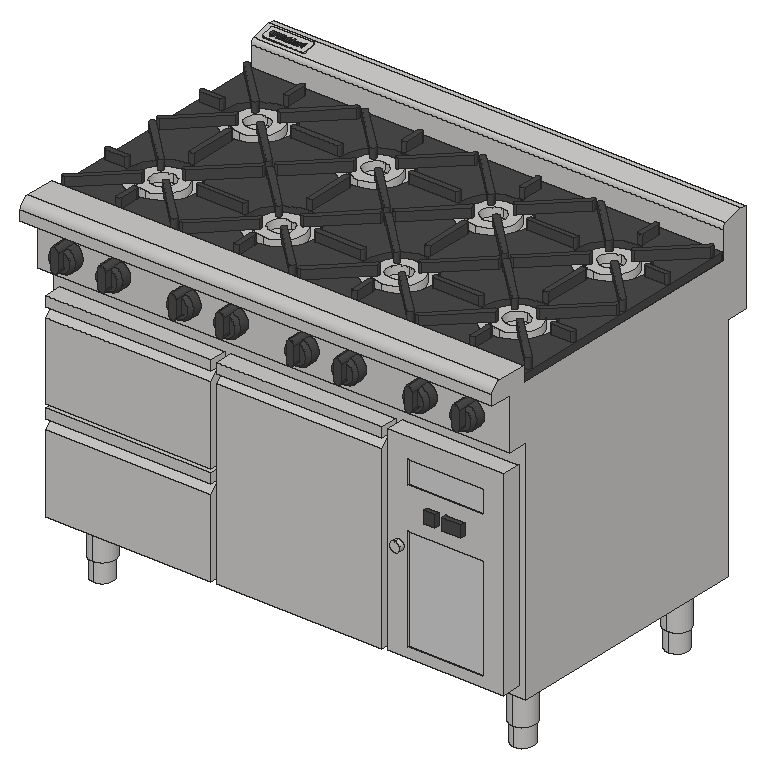
Revit family "QF_MOFFAT WALDORF_RNL8800G-RB", category Specialty Equipment, Revit 2012
Parameters
  Weight in Pounds = 436.5148
  Watts = 250 W
  Volts = 240 V
  URL Cutsheet = "www.moffat.com"
  URL = "www.moffat.com"
  Type Mark [instance] = ""
  Status [instance] = ""
  Specification by User [instance] = ""
  Specification by Manufacturer = ""
  Show Logo [instance] = yes
  Show Clearance [instance] = yes
  Show Casters [instance] = no
  Serial Number = ""
  Seismic Rating = ""
  SMACNA No = ""
  Revision Code [instance] = ""
  Refrigerant Type = "R134a"
  Phase = 1
  Omniclass Number and Title = ""
  Number of Poles = 1
  NAFEM Spec ID Number = ""
  Model = "RNL8800G-RB"
  Min Ckt Ampacity = 0 A
  Mechanical Remarks [instance] = ""
  Mechanical Connection Type [instance] = ""
  Max Overcurrent Protection = 0 A
  Masterspec = ""
  Manufacturer = "MOFFAT WALDORF"
  Legs [instance] = not(Show Casters)  # yes
  Item Number [instance] = ""
  Installed By [instance] = ""
  Identify Quantity as Lot [instance] = yes
  HP = ""
  Gas Size = 3/4"
  Gas RI Height [instance] = 0.0 mm
  Gas KW [instance] = 62.2
  Gas Input [instance] = 212311.0 Btu/h
  Gas Connection Height = 0.0 mm
  Furnished By [instance] = ""
  Foodservice Equipment Identifier [instance] = yes
  FL Amps = 1.8 A
  Elec Conn RI Height = 0.0 mm
  Elec Conn Connection Height = 0.0 mm
  Description = "COOK TOP LOW SPLASHBACK GAS ON REFRIGERATED BASE"
  Cycle = 50 Hz
  Conn Plug = ""
  Conn Conduit = yes
  CSI MasterFormat = ""
  CSI Master Format = ""
  Body Height [instance] = 915.0 mm
  Base Height [instance] = 150.0 mm
  Apparent Power = if(Phase = 3, Volts * FL Amps * 1.73, Volts * FL Amps)  # 432 VA
Reference planes
  plane 1 "BACK": y = 0
  plane 2: z = 0
  plane 3 "LEFT": x = 0
  plane 4 "RIGHT": x = 1200
  plane 5 "FRONT": y = -805
  plane 6 "TOP": z = 970
  plane 7 "Center Y": x = 600
  plane 8 "Center X": y = -402.5
  plane 9 "Base Height": z = 150
  plane 10: x = 1134
  plane 11: x = 65
  plane 12: z = 915
  plane 13: x = 65.8
  plane 14: x = 1181
  plane 15: z = 402
  plane 16: x = 973
  plane 17: y = -625
  plane 18: y = -135
Forms (mm)
  Extrusion 1, solid, material "QF_Finishes_Stainless Steel"
    sketch origin (0, 0, 0) x (0, 1, 0) y (0, 0, 1)
      loop
        line (-805, 891) -> (-805, 866) -> (-749, 866) -> (-749, 735) -> (-697, 735) -> (-697, 150) -> (-57, 150) -> (-57, 735) -> (0, 735) -> (0, 970) -> (-15, 970) -> (-61.106, 957.646)
        arc (-61.106, 957.646) -> (-67.52, 953.36) -> (-70, 946.055) r 12
        line (-70, 946.055) -> (-70, 875) -> (-705, 875) -> (-705, 915) -> (-781, 915)
        arc (-781, 915) -> (-797.971, 907.971) -> (-805, 891) r 24
    from 0 to 1200
  Revolve 2, solid, material "QF_Finishes_Black"
    sketch origin (210, 0, 763.627) x (0, -1, 0) y (0, 0, 1)
      loop
        line (782, 69.605) -> (759, 69.605) -> (759, 42.105) -> (749, 42.105) -> (749, 37.105) -> (793, 37.105) -> (793, 63.757) -> (782, 69.605)
      axis (793, 37.105) -> (749, 37.105)
    angle from 0 to 360
  Extrusion 3, solid, material "QF_Finishes_Black"
    sketch origin (-78.431, 0, 659.63) x (1, 0, 0) y (0, 0, 1)
      loop
        line (298.431, 129) -> (298.431, 167.997)
        arc (298.431, 167.997) -> (288.431, 177.997) -> (278.431, 167.997) r 10
        line (278.431, 167.997) -> (278.431, 129)
        arc (278.431, 129) -> (288.431, 119) -> (298.431, 129) r 10
    from 759 to 808
  Extrusion 4, solid, material "QF_Finishes_Stainless Steel"
    sketch origin (705, 3, 100) x (1, 0, 0) y (0, 1, 0)
      loop
        circle (365, -35) r 13.5
    from 555 to 635
  Revolve 5, solid, material "QF_Finishes_Black"
    sketch origin (89.999, 0, 763.5) x (0, 1, 0) y (0, 0, -1)
      loop
        line (-782, -69.5) -> (-759, -69.5) -> (-759, -42) -> (-749, -42) -> (-749, -37) -> (-793, -37) -> (-793, -63.651) -> (-782, -69.5)
      axis (-793, -37) -> (-749, -37)
    angle from 0 to 360
  Extrusion 6, solid, material "QF_Finishes_Black"
    sketch origin (228.269, 0, 763.658) x (-1, 0, 0) y (0, 0, -1)
      loop
        arc (148.269, -24.969) -> (138.269, -14.969) -> (128.269, -24.969) r 10
        line (128.269, -24.969) -> (128.269, -63.969)
        arc (128.269, -63.969) -> (138.269, -73.969) -> (148.269, -63.969) r 10
        line (148.269, -63.969) -> (148.269, -24.969)
    from 759 to 808
  Extrusion 7, solid, material "QF_Finishes_Black"
    sketch origin (0, -77.318, 875) x (0, -1, 0) y (1, 0, 0)
      loop
        arc (-6.318, 4) -> (-5.439, 1.879) -> (-3.318, 1) r 3
        line (-3.318, 1) -> (623.682, 1)
        arc (623.682, 1) -> (625.804, 1.879) -> (626.682, 4) r 3
        line (626.682, 4) -> (626.682, 1196)
        arc (626.682, 1196) -> (625.804, 1198.121) -> (623.682, 1199) r 3
        line (623.682, 1199) -> (-3.318, 1199)
        arc (-3.318, 1199) -> (-5.439, 1198.121) -> (-6.318, 1196) r 3
        line (-6.318, 1196) -> (-6.318, 4)
      loop
        circle (160.182, 150) r 84.082
      loop
        circle (460.182, 150) r 84.082
      loop
        circle (460.182, 1050) r 84.082
      loop
        circle (160.182, 1050) r 84.082
      loop
        circle (160.182, 450) r 84.082
      loop
        circle (460.182, 450) r 84.082
      loop
        circle (160.182, 750) r 84.082
      loop
        circle (460.182, 750) r 84.082
    from 0 to 19.5
  Extrusion 8, solid, material "QF_Finishes_Black"
    sketch origin (0, -77.318, 894.5) x (0, -1, 0) y (1, 0, 0)
      loop
        spline (316.285, 15.153) -> (315.364, 13.924) -> (314.814, 12.47) -> (314.672, 10.89) -> (314.949, 9.292) -> (315.626, 7.786) -> (316.655, 6.473) -> (317.968, 5.443) -> (319.475, 4.767) -> (321.072, 4.49) -> (322.652, 4.631) -> (324.106, 5.181) -> (325.336, 6.102)
        line (325.336, 6.102) -> (433.259, 114.025)
        spline (433.259, 114.025) -> (434.019, 115.095) -> (434.42, 116.399) -> (434.433, 117.851) -> (434.058, 119.35) -> (433.319, 120.795) -> (432.269, 122.086) -> (430.977, 123.137) -> (429.532, 123.875) -> (428.033, 124.251) -> (426.582, 124.238) -> (425.277, 123.837) -> (424.208, 123.076)
        line (424.208, 123.076) -> (316.285, 15.153)
      loop
        spline (252.08, 156.4) -> (250.786, 156.182) -> (249.58, 155.543) -> (248.545, 154.525) -> (247.75, 153.2) -> (247.251, 151.656) -> (247.08, 150) -> (247.251, 148.344) -> (247.75, 146.8) -> (248.545, 145.475) -> (249.58, 144.457) -> (250.786, 143.818) -> (252.08, 143.6)
        line (252.08, 143.6) -> (368.284, 143.6)
        spline (368.284, 143.6) -> (369.579, 143.818) -> (370.784, 144.457) -> (371.82, 145.475) -> (372.615, 146.8) -> (373.114, 148.344) -> (373.284, 150) -> (373.114, 151.656) -> (372.615, 153.2) -> (371.82, 154.525) -> (370.784, 155.543) -> (369.579, 156.182) -> (368.284, 156.4)
        line (368.284, 156.4) -> (252.08, 156.4)
      loop
        spline (601.284, 143.6) -> (602.579, 143.818) -> (603.784, 144.457) -> (604.82, 145.475) -> (605.615, 146.8) -> (606.114, 148.344) -> (606.284, 150) -> (606.114, 151.656) -> (605.615, 153.2) -> (604.82, 154.525) -> (603.784, 155.543) -> (602.579, 156.182) -> (601.284, 156.4)
        line (601.284, 156.4) -> (552.08, 156.4)
        spline (552.08, 156.4) -> (550.786, 156.182) -> (549.58, 155.543) -> (548.545, 154.525) -> (547.75, 153.2) -> (547.251, 151.656) -> (547.08, 150) -> (547.251, 148.344) -> (547.75, 146.8) -> (548.545, 145.475) -> (549.58, 144.457) -> (550.786, 143.818) -> (552.08, 143.6)
        line (552.08, 143.6) -> (601.284, 143.6)
      loop
        line (604.08, 15.153) -> (496.157, 123.076)
        spline (496.157, 123.076) -> (495.088, 123.837) -> (493.783, 124.238) -> (492.332, 124.251) -> (490.832, 123.875) -> (489.388, 123.137) -> (488.096, 122.086) -> (487.045, 120.795) -> (486.307, 119.35) -> (485.932, 117.851) -> (485.945, 116.399) -> (486.345, 115.095) -> (487.106, 114.025)
        line (487.106, 114.025) -> (595.029, 6.102)
        spline (595.029, 6.102) -> (596.098, 5.341) -> (597.403, 4.941) -> (598.855, 4.928) -> (600.354, 5.303) -> (601.798, 6.041) -> (603.09, 7.092) -> (604.141, 8.384) -> (604.879, 9.829) -> (605.255, 11.328) -> (605.242, 12.779) -> (604.841, 14.084) -> (604.08, 15.153)
      loop
        line (466.582, 8.898) -> (466.582, 58.102)
        spline (466.582, 58.102) -> (466.364, 59.396) -> (465.725, 60.602) -> (464.708, 61.638) -> (463.382, 62.432) -> (461.839, 62.932) -> (460.182, 63.102) -> (458.526, 62.932) -> (456.982, 62.432) -> (455.657, 61.638) -> (454.64, 60.602) -> (454, 59.396) -> (453.782, 58.102)
        line (453.782, 58.102) -> (453.782, 8.898)
        spline (453.782, 8.898) -> (454, 7.604) -> (454.64, 6.398) -> (455.657, 5.362) -> (456.982, 4.568) -> (458.526, 4.068) -> (460.182, 3.898) -> (461.839, 4.068) -> (463.382, 4.568) -> (464.708, 5.362) -> (465.725, 6.398) -> (466.364, 7.604) -> (466.582, 8.898)
      loop
        spline (16.285, 15.153) -> (15.364, 13.924) -> (14.814, 12.47) -> (14.672, 10.89) -> (14.949, 9.292) -> (15.626, 7.786) -> (16.655, 6.473) -> (17.968, 5.443) -> (19.475, 4.767) -> (21.072, 4.49) -> (22.652, 4.631) -> (24.106, 5.181) -> (25.336, 6.102)
        line (25.336, 6.102) -> (133.259, 114.025)
        spline (133.259, 114.025) -> (134.019, 115.095) -> (134.42, 116.399) -> (134.433, 117.851) -> (134.058, 119.35) -> (133.319, 120.795) -> (132.269, 122.086) -> (130.977, 123.137) -> (129.532, 123.875) -> (128.033, 124.251) -> (126.582, 124.238) -> (125.277, 123.837) -> (124.208, 123.076)
        line (124.208, 123.076) -> (16.285, 15.153)
      loop
        spline (19.08, 156.4) -> (17.786, 156.182) -> (16.58, 155.543) -> (15.545, 154.525) -> (14.75, 153.2) -> (14.251, 151.656) -> (14.08, 150) -> (14.251, 148.344) -> (14.75, 146.8) -> (15.545, 145.475) -> (16.58, 144.457) -> (17.786, 143.818) -> (19.08, 143.6)
        line (19.08, 143.6) -> (68.284, 143.6)
        spline (68.284, 143.6) -> (69.579, 143.818) -> (70.784, 144.457) -> (71.82, 145.475) -> (72.615, 146.8) -> (73.114, 148.344) -> (73.284, 150) -> (73.114, 151.656) -> (72.615, 153.2) -> (71.82, 154.525) -> (70.784, 155.543) -> (69.579, 156.182) -> (68.284, 156.4)
        line (68.284, 156.4) -> (19.08, 156.4)
      loop
        line (304.08, 15.153) -> (196.157, 123.076)
        spline (196.157, 123.076) -> (195.088, 123.837) -> (193.783, 124.238) -> (192.332, 124.251) -> (190.832, 123.875) -> (189.388, 123.137) -> (188.096, 122.086) -> (187.045, 120.795) -> (186.307, 119.35) -> (185.932, 117.851) -> (185.945, 116.399) -> (186.345, 115.095) -> (187.106, 114.025)
        line (187.106, 114.025) -> (295.029, 6.102)
        spline (295.029, 6.102) -> (296.098, 5.341) -> (297.403, 4.941) -> (298.855, 4.928) -> (300.354, 5.303) -> (301.798, 6.041) -> (303.09, 7.092) -> (304.141, 8.384) -> (304.879, 9.829) -> (305.255, 11.328) -> (305.242, 12.779) -> (304.841, 14.084) -> (304.08, 15.153)
      loop
        line (166.582, 8.898) -> (166.582, 58.102)
        spline (166.582, 58.102) -> (166.364, 59.396) -> (165.725, 60.602) -> (164.708, 61.638) -> (163.382, 62.432) -> (161.839, 62.932) -> (160.182, 63.102) -> (158.526, 62.932) -> (156.982, 62.432) -> (155.657, 61.638) -> (154.64, 60.602) -> (154, 59.396) -> (153.782, 58.102)
        line (153.782, 58.102) -> (153.782, 8.898)
        spline (153.782, 8.898) -> (154, 7.604) -> (154.64, 6.398) -> (155.657, 5.362) -> (156.982, 4.568) -> (158.526, 4.068) -> (160.182, 3.898) -> (161.839, 4.068) -> (163.382, 4.568) -> (164.708, 5.362) -> (165.725, 6.398) -> (166.364, 7.604) -> (166.582, 8.898)
      loop
        line (316.285, 284.847) -> (424.208, 176.924)
        spline (424.208, 176.924) -> (425.277, 176.163) -> (426.582, 175.762) -> (428.033, 175.749) -> (429.532, 176.125) -> (430.977, 176.863) -> (432.269, 177.914) -> (433.319, 179.205) -> (434.058, 180.65) -> (434.433, 182.149) -> (434.42, 183.601) -> (434.019, 184.905) -> (433.259, 185.975)
        line (433.259, 185.975) -> (325.336, 293.898)
        spline (325.336, 293.898) -> (324.106, 294.819) -> (322.652, 295.369) -> (321.072, 295.51) -> (319.475, 295.233) -> (317.968, 294.557) -> (316.655, 293.527) -> (315.626, 292.214) -> (314.949, 290.708) -> (314.672, 289.11) -> (314.814, 287.53) -> (315.364, 286.076) -> (316.285, 284.847)
      loop
        spline (604.08, 284.847) -> (604.841, 285.916) -> (605.242, 287.221) -> (605.255, 288.672) -> (604.879, 290.171) -> (604.141, 291.616) -> (603.09, 292.908) -> (601.798, 293.959) -> (600.354, 294.697) -> (598.855, 295.072) -> (597.403, 295.059) -> (596.098, 294.659) -> (595.029, 293.898)
        line (595.029, 293.898) -> (487.106, 185.975)
        spline (487.106, 185.975) -> (486.345, 184.905) -> (485.945, 183.601) -> (485.932, 182.149) -> (486.307, 180.65) -> (487.045, 179.205) -> (488.096, 177.914) -> (489.388, 176.863) -> (490.832, 176.125) -> (492.332, 175.749) -> (493.783, 175.762) -> (495.088, 176.163) -> (496.157, 176.924)
        line (496.157, 176.924) -> (604.08, 284.847)
      loop
        spline (453.782, 241.898) -> (454, 240.604) -> (454.64, 239.398) -> (455.657, 238.362) -> (456.982, 237.568) -> (458.526, 237.068) -> (460.182, 236.898) -> (461.839, 237.068) -> (463.382, 237.568) -> (464.708, 238.362) -> (465.725, 239.398) -> (466.364, 240.604) -> (466.582, 241.898)
        line (466.582, 241.898) -> (466.582, 358.102)
        spline (466.582, 358.102) -> (466.364, 359.396) -> (465.725, 360.602) -> (464.708, 361.638) -> (463.382, 362.432) -> (461.839, 362.932) -> (460.182, 363.102) -> (458.526, 362.932) -> (456.982, 362.432) -> (455.657, 361.638) -> (454.64, 360.602) -> (454, 359.396) -> (453.782, 358.102)
        line (453.782, 358.102) -> (453.782, 241.898)
      loop
        line (16.285, 284.847) -> (124.208, 176.924)
        spline (124.208, 176.924) -> (125.277, 176.163) -> (126.582, 175.762) -> (128.033, 175.749) -> (129.532, 176.125) -> (130.977, 176.863) -> (132.269, 177.914) -> (133.319, 179.205) -> (134.058, 180.65) -> (134.433, 182.149) -> (134.42, 183.601) -> (134.019, 184.905) -> (133.259, 185.975)
        line (133.259, 185.975) -> (25.336, 293.898)
        spline (25.336, 293.898) -> (24.106, 294.819) -> (22.652, 295.369) -> (21.072, 295.51) -> (19.475, 295.233) -> (17.968, 294.557) -> (16.655, 293.527) -> (15.626, 292.214) -> (14.949, 290.708) -> (14.672, 289.11) -> (14.814, 287.53) -> (15.364, 286.076) -> (16.285, 284.847)
      loop
        spline (304.08, 284.847) -> (304.841, 285.916) -> (305.242, 287.221) -> (305.255, 288.672) -> (304.879, 290.171) -> (304.141, 291.616) -> (303.09, 292.908) -> (301.798, 293.959) -> (300.354, 294.697) -> (298.855, 295.072) -> (297.403, 295.059) -> (296.098, 294.659) -> (295.029, 293.898)
        line (295.029, 293.898) -> (187.106, 185.975)
        spline (187.106, 185.975) -> (186.345, 184.905) -> (185.945, 183.601) -> (185.932, 182.149) -> (186.307, 180.65) -> (187.045, 179.205) -> (188.096, 177.914) -> (189.388, 176.863) -> (190.832, 176.125) -> (192.332, 175.749) -> (193.783, 175.762) -> (195.088, 176.163) -> (196.157, 176.924)
        line (196.157, 176.924) -> (304.08, 284.847)
      loop
        spline (166.582, 358.102) -> (166.364, 359.396) -> (165.725, 360.602) -> (164.708, 361.638) -> (163.382, 362.432) -> (161.839, 362.932) -> (160.182, 363.102) -> (158.526, 362.932) -> (156.982, 362.432) -> (155.657, 361.638) -> (154.64, 360.602) -> (154, 359.396) -> (153.782, 358.102)
        line (153.782, 358.102) -> (153.782, 241.898)
        spline (153.782, 241.898) -> (154, 240.604) -> (154.64, 239.398) -> (155.657, 238.362) -> (156.982, 237.568) -> (158.526, 237.068) -> (160.182, 236.898) -> (161.839, 237.068) -> (163.382, 237.568) -> (164.708, 238.362) -> (165.725, 239.398) -> (166.364, 240.604) -> (166.582, 241.898)
        line (166.582, 241.898) -> (166.582, 358.102)
      loop
        spline (316.285, 315.153) -> (315.364, 313.924) -> (314.814, 312.47) -> (314.672, 310.89) -> (314.949, 309.292) -> (315.626, 307.786) -> (316.655, 306.473) -> (317.968, 305.443) -> (319.475, 304.767) -> (321.072, 304.49) -> (322.652, 304.631) -> (324.106, 305.181) -> (325.336, 306.102)
        line (325.336, 306.102) -> (433.259, 414.025)
        spline (433.259, 414.025) -> (434.019, 415.095) -> (434.42, 416.399) -> (434.433, 417.851) -> (434.058, 419.35) -> (433.319, 420.795) -> (432.269, 422.086) -> (430.977, 423.137) -> (429.532, 423.875) -> (428.033, 424.251) -> (426.582, 424.238) -> (425.277, 423.837) -> (424.208, 423.076)
        line (424.208, 423.076) -> (316.285, 315.153)
      loop
        spline (252.08, 456.4) -> (250.786, 456.182) -> (249.58, 455.543) -> (248.545, 454.525) -> (247.75, 453.2) -> (247.251, 451.656) -> (247.08, 450) -> (247.251, 448.344) -> (247.75, 446.8) -> (248.545, 445.475) -> (249.58, 444.457) -> (250.786, 443.818) -> (252.08, 443.6)
        line (252.08, 443.6) -> (368.284, 443.6)
        spline (368.284, 443.6) -> (369.579, 443.818) -> (370.784, 444.457) -> (371.82, 445.475) -> (372.615, 446.8) -> (373.114, 448.344) -> (373.284, 450) -> (373.114, 451.656) -> (372.615, 453.2) -> (371.82, 454.525) -> (370.784, 455.543) -> (369.579, 456.182) -> (368.284, 456.4)
        line (368.284, 456.4) -> (252.08, 456.4)
      loop
        spline (601.284, 443.6) -> (602.579, 443.818) -> (603.784, 444.457) -> (604.82, 445.475) -> (605.615, 446.8) -> (606.114, 448.344) -> (606.284, 450) -> (606.114, 451.656) -> (605.615, 453.2) -> (604.82, 454.525) -> (603.784, 455.543) -> (602.579, 456.182) -> (601.284, 456.4)
        line (601.284, 456.4) -> (552.08, 456.4)
        spline (552.08, 456.4) -> (550.786, 456.182) -> (549.58, 455.543) -> (548.545, 454.525) -> (547.75, 453.2) -> (547.251, 451.656) -> (547.08, 450) -> (547.251, 448.344) -> (547.75, 446.8) -> (548.545, 445.475) -> (549.58, 444.457) -> (550.786, 443.818) -> (552.08, 443.6)
        line (552.08, 443.6) -> (601.284, 443.6)
      loop
        line (604.08, 315.153) -> (496.157, 423.076)
        spline (496.157, 423.076) -> (495.088, 423.837) -> (493.783, 424.238) -> (492.332, 424.251) -> (490.832, 423.875) -> (489.388, 423.137) -> (488.096, 422.086) -> (487.045, 420.795) -> (486.307, 419.35) -> (485.932, 417.851) -> (485.945, 416.399) -> (486.345, 415.095) -> (487.106, 414.025)
        line (487.106, 414.025) -> (595.029, 306.102)
        spline (595.029, 306.102) -> (596.098, 305.341) -> (597.403, 304.941) -> (598.855, 304.928) -> (600.354, 305.303) -> (601.798, 306.041) -> (603.09, 307.092) -> (604.141, 308.384) -> (604.879, 309.829) -> (605.255, 311.328) -> (605.242, 312.779) -> (604.841, 314.084) -> (604.08, 315.153)
      loop
        spline (16.285, 315.153) -> (15.364, 313.924) -> (14.814, 312.47) -> (14.672, 310.89) -> (14.949, 309.292) -> (15.626, 307.786) -> (16.655, 306.473) -> (17.968, 305.443) -> (19.475, 304.767) -> (21.072, 304.49) -> (22.652, 304.631) -> (24.106, 305.181) -> (25.336, 306.102)
        line (25.336, 306.102) -> (133.259, 414.025)
        spline (133.259, 414.025) -> (134.019, 415.095) -> (134.42, 416.399) -> (134.433, 417.851) -> (134.058, 419.35) -> (133.319, 420.795) -> (132.269, 422.086) -> (130.977, 423.137) -> (129.532, 423.875) -> (128.033, 424.251) -> (126.582, 424.238) -> (125.277, 423.837) -> (124.208, 423.076)
        line (124.208, 423.076) -> (16.285, 315.153)
      loop
        spline (19.08, 456.4) -> (17.786, 456.182) -> (16.58, 455.543) -> (15.545, 454.525) -> (14.75, 453.2) -> (14.251, 451.656) -> (14.08, 450) -> (14.251, 448.344) -> (14.75, 446.8) -> (15.545, 445.475) -> (16.58, 444.457) -> (17.786, 443.818) -> (19.08, 443.6)
        line (19.08, 443.6) -> (68.284, 443.6)
        spline (68.284, 443.6) -> (69.579, 443.818) -> (70.784, 444.457) -> (71.82, 445.475) -> (72.615, 446.8) -> (73.114, 448.344) -> (73.284, 450) -> (73.114, 451.656) -> (72.615, 453.2) -> (71.82, 454.525) -> (70.784, 455.543) -> (69.579, 456.182) -> (68.284, 456.4)
        line (68.284, 456.4) -> (19.08, 456.4)
      loop
        line (304.08, 315.153) -> (196.157, 423.076)
        spline (196.157, 423.076) -> (195.088, 423.837) -> (193.783, 424.238) -> (192.332, 424.251) -> (190.832, 423.875) -> (189.388, 423.137) -> (188.096, 422.086) -> (187.045, 420.795) -> (186.307, 419.35) -> (185.932, 417.851) -> (185.945, 416.399) -> (186.345, 415.095) -> (187.106, 414.025)
        line (187.106, 414.025) -> (295.029, 306.102)
        spline (295.029, 306.102) -> (296.098, 305.341) -> (297.403, 304.941) -> (298.855, 304.928) -> (300.354, 305.303) -> (301.798, 306.041) -> (303.09, 307.092) -> (304.141, 308.384) -> (304.879, 309.829) -> (305.255, 311.328) -> (305.242, 312.779) -> (304.841, 314.084) -> (304.08, 315.153)
      loop
        line (316.285, 584.847) -> (424.208, 476.924)
        spline (424.208, 476.924) -> (425.277, 476.163) -> (426.582, 475.762) -> (428.033, 475.749) -> (429.532, 476.125) -> (430.977, 476.863) -> (432.269, 477.914) -> (433.319, 479.205) -> (434.058, 480.65) -> (434.433, 482.149) -> (434.42, 483.601) -> (434.019, 484.905) -> (433.259, 485.975)
        line (433.259, 485.975) -> (325.336, 593.898)
        spline (325.336, 593.898) -> (324.106, 594.819) -> (322.652, 595.369) -> (321.072, 595.51) -> (319.475, 595.233) -> (317.968, 594.557) -> (316.655, 593.527) -> (315.626, 592.214) -> (314.949, 590.708) -> (314.672, 589.11) -> (314.814, 587.53) -> (315.364, 586.076) -> (316.285, 584.847)
      loop
        spline (604.08, 584.847) -> (604.841, 585.916) -> (605.242, 587.221) -> (605.255, 588.672) -> (604.879, 590.171) -> (604.141, 591.616) -> (603.09, 592.908) -> (601.798, 593.959) -> (600.354, 594.697) -> (598.855, 595.072) -> (597.403, 595.059) -> (596.098, 594.659) -> (595.029, 593.898)
        line (595.029, 593.898) -> (487.106, 485.975)
        spline (487.106, 485.975) -> (486.345, 484.905) -> (485.945, 483.601) -> (485.932, 482.149) -> (486.307, 480.65) -> (487.045, 479.205) -> (488.096, 477.914) -> (489.388, 476.863) -> (490.832, 476.125) -> (492.332, 475.749) -> (493.783, 475.762) -> (495.088, 476.163) -> (496.157, 476.924)
        line (496.157, 476.924) -> (604.08, 584.847)
      loop
        spline (466.582, 658.102) -> (466.364, 659.396) -> (465.725, 660.602) -> (464.708, 661.638) -> (463.382, 662.432) -> (461.839, 662.932) -> (460.182, 663.102) -> (458.526, 662.932) -> (456.982, 662.432) -> (455.657, 661.638) -> (454.64, 660.602) -> (454, 659.396) -> (453.782, 658.102)
        line (453.782, 658.102) -> (453.782, 541.898)
        spline (453.782, 541.898) -> (454, 540.604) -> (454.64, 539.398) -> (455.657, 538.362) -> (456.982, 537.568) -> (458.526, 537.068) -> (460.182, 536.898) -> (461.839, 537.068) -> (463.382, 537.568) -> (464.708, 538.362) -> (465.725, 539.398) -> (466.364, 540.604) -> (466.582, 541.898)
        line (466.582, 541.898) -> (466.582, 658.102)
      loop
        line (16.285, 584.847) -> (124.208, 476.924)
        spline (124.208, 476.924) -> (125.277, 476.163) -> (126.582, 475.762) -> (128.033, 475.749) -> (129.532, 476.125) -> (130.977, 476.863) -> (132.269, 477.914) -> (133.319, 479.205) -> (134.058, 480.65) -> (134.433, 482.149) -> (134.42, 483.601) -> (134.019, 484.905) -> (133.259, 485.975)
        line (133.259, 485.975) -> (25.336, 593.898)
        spline (25.336, 593.898) -> (24.106, 594.819) -> (22.652, 595.369) -> (21.072, 595.51) -> (19.475, 595.233) -> (17.968, 594.557) -> (16.655, 593.527) -> (15.626, 592.214) -> (14.949, 590.708) -> (14.672, 589.11) -> (14.814, 587.53) -> (15.364, 586.076) -> (16.285, 584.847)
      loop
        spline (304.08, 584.847) -> (304.841, 585.916) -> (305.242, 587.221) -> (305.255, 588.672) -> (304.879, 590.171) -> (304.141, 591.616) -> (303.09, 592.908) -> (301.798, 593.959) -> (300.354, 594.697) -> (298.855, 595.072) -> (297.403, 595.059) -> (296.098, 594.659) -> (295.029, 593.898)
        line (295.029, 593.898) -> (187.106, 485.975)
        spline (187.106, 485.975) -> (186.345, 484.905) -> (185.945, 483.601) -> (185.932, 482.149) -> (186.307, 480.65) -> (187.045, 479.205) -> (188.096, 477.914) -> (189.388, 476.863) -> (190.832, 476.125) -> (192.332, 475.749) -> (193.783, 475.762) -> (195.088, 476.163) -> (196.157, 476.924)
        line (196.157, 476.924) -> (304.08, 584.847)
      loop
        spline (166.582, 658.102) -> (166.364, 659.396) -> (165.725, 660.602) -> (164.708, 661.638) -> (163.382, 662.432) -> (161.839, 662.932) -> (160.182, 663.102) -> (158.526, 662.932) -> (156.982, 662.432) -> (155.657, 661.638) -> (154.64, 660.602) -> (154, 659.396) -> (153.782, 658.102)
        line (153.782, 658.102) -> (153.782, 541.898)
        spline (153.782, 541.898) -> (154, 540.604) -> (154.64, 539.398) -> (155.657, 538.362) -> (156.982, 537.568) -> (158.526, 537.068) -> (160.182, 536.898) -> (161.839, 537.068) -> (163.382, 537.568) -> (164.708, 538.362) -> (165.725, 539.398) -> (166.364, 540.604) -> (166.582, 541.898)
        line (166.582, 541.898) -> (166.582, 658.102)
      loop
        line (316.285, 1184.847) -> (424.208, 1076.924)
        spline (424.208, 1076.924) -> (425.277, 1076.163) -> (426.582, 1075.762) -> (428.033, 1075.749) -> (429.532, 1076.125) -> (430.977, 1076.863) -> (432.269, 1077.914) -> (433.319, 1079.205) -> (434.058, 1080.65) -> (434.433, 1082.149) -> (434.42, 1083.601) -> (434.019, 1084.905) -> (433.259, 1085.975)
        line (433.259, 1085.975) -> (325.336, 1193.898)
        spline (325.336, 1193.898) -> (324.106, 1194.819) -> (322.652, 1195.369) -> (321.072, 1195.51) -> (319.475, 1195.233) -> (317.968, 1194.557) -> (316.655, 1193.527) -> (315.626, 1192.214) -> (314.949, 1190.708) -> (314.672, 1189.11) -> (314.814, 1187.53) -> (315.364, 1186.076) -> (316.285, 1184.847)
      loop
        line (252.08, 1043.6) -> (368.284, 1043.6)
        spline (368.284, 1043.6) -> (369.579, 1043.818) -> (370.784, 1044.457) -> (371.82, 1045.475) -> (372.615, 1046.8) -> (373.114, 1048.344) -> (373.284, 1050) -> (373.114, 1051.656) -> (372.615, 1053.2) -> (371.82, 1054.525) -> (370.784, 1055.543) -> (369.579, 1056.182) -> (368.284, 1056.4)
        line (368.284, 1056.4) -> (252.08, 1056.4)
        spline (252.08, 1056.4) -> (250.786, 1056.182) -> (249.58, 1055.543) -> (248.545, 1054.525) -> (247.75, 1053.2) -> (247.251, 1051.656) -> (247.08, 1050) -> (247.251, 1048.344) -> (247.75, 1046.8) -> (248.545, 1045.475) -> (249.58, 1044.457) -> (250.786, 1043.818) -> (252.08, 1043.6)
      loop
        line (601.284, 1056.4) -> (552.08, 1056.4)
        spline (552.08, 1056.4) -> (550.786, 1056.182) -> (549.58, 1055.543) -> (548.545, 1054.525) -> (547.75, 1053.2) -> (547.251, 1051.656) -> (547.08, 1050) -> (547.251, 1048.344) -> (547.75, 1046.8) -> (548.545, 1045.475) -> (549.58, 1044.457) -> (550.786, 1043.818) -> (552.08, 1043.6)
        line (552.08, 1043.6) -> (601.284, 1043.6)
        spline (601.284, 1043.6) -> (602.579, 1043.818) -> (603.784, 1044.457) -> (604.82, 1045.475) -> (605.615, 1046.8) -> (606.114, 1048.344) -> (606.284, 1050) -> (606.114, 1051.656) -> (605.615, 1053.2) -> (604.82, 1054.525) -> (603.784, 1055.543) -> (602.579, 1056.182) -> (601.284, 1056.4)
      loop
        spline (604.08, 1184.847) -> (604.841, 1185.916) -> (605.242, 1187.221) -> (605.255, 1188.672) -> (604.879, 1190.171) -> (604.141, 1191.616) -> (603.09, 1192.908) -> (601.798, 1193.959) -> (600.354, 1194.697) -> (598.855, 1195.072) -> (597.403, 1195.059) -> (596.098, 1194.659) -> (595.029, 1193.898)
        line (595.029, 1193.898) -> (487.106, 1085.975)
        spline (487.106, 1085.975) -> (486.345, 1084.905) -> (485.945, 1083.601) -> (485.932, 1082.149) -> (486.307, 1080.65) -> (487.045, 1079.205) -> (488.096, 1077.914) -> (489.388, 1076.863) -> (490.832, 1076.125) -> (492.332, 1075.749) -> (493.783, 1075.762) -> (495.088, 1076.163) -> (496.157, 1076.924)
        line (496.157, 1076.924) -> (604.08, 1184.847)
      loop
        spline (466.582, 1191.102) -> (466.364, 1192.396) -> (465.725, 1193.602) -> (464.708, 1194.638) -> (463.382, 1195.432) -> (461.839, 1195.932) -> (460.182, 1196.102) -> (458.526, 1195.932) -> (456.982, 1195.432) -> (455.657, 1194.638) -> (454.64, 1193.602) -> (454, 1192.396) -> (453.782, 1191.102)
        line (453.782, 1191.102) -> (453.782, 1141.898)
        spline (453.782, 1141.898) -> (454, 1140.604) -> (454.64, 1139.398) -> (455.657, 1138.362) -> (456.982, 1137.568) -> (458.526, 1137.068) -> (460.182, 1136.898) -> (461.839, 1137.068) -> (463.382, 1137.568) -> (464.708, 1138.362) -> (465.725, 1139.398) -> (466.364, 1140.604) -> (466.582, 1141.898)
        line (466.582, 1141.898) -> (466.582, 1191.102)
      loop
        line (16.285, 1184.847) -> (124.208, 1076.924)
        spline (124.208, 1076.924) -> (125.277, 1076.163) -> (126.582, 1075.762) -> (128.033, 1075.749) -> (129.532, 1076.125) -> (130.977, 1076.863) -> (132.269, 1077.914) -> (133.319, 1079.205) -> (134.058, 1080.65) -> (134.433, 1082.149) -> (134.42, 1083.601) -> (134.019, 1084.905) -> (133.259, 1085.975)
        line (133.259, 1085.975) -> (25.336, 1193.898)
        spline (25.336, 1193.898) -> (24.106, 1194.819) -> (22.652, 1195.369) -> (21.072, 1195.51) -> (19.475, 1195.233) -> (17.968, 1194.557) -> (16.655, 1193.527) -> (15.626, 1192.214) -> (14.949, 1190.708) -> (14.672, 1189.11) -> (14.814, 1187.53) -> (15.364, 1186.076) -> (16.285, 1184.847)
      loop
        line (19.08, 1043.6) -> (68.284, 1043.6)
        spline (68.284, 1043.6) -> (69.579, 1043.818) -> (70.784, 1044.457) -> (71.82, 1045.475) -> (72.615, 1046.8) -> (73.114, 1048.344) -> (73.284, 1050) -> (73.114, 1051.656) -> (72.615, 1053.2) -> (71.82, 1054.525) -> (70.784, 1055.543) -> (69.579, 1056.182) -> (68.284, 1056.4)
        line (68.284, 1056.4) -> (19.08, 1056.4)
        spline (19.08, 1056.4) -> (17.786, 1056.182) -> (16.58, 1055.543) -> (15.545, 1054.525) -> (14.75, 1053.2) -> (14.251, 1051.656) -> (14.08, 1050) -> (14.251, 1048.344) -> (14.75, 1046.8) -> (15.545, 1045.475) -> (16.58, 1044.457) -> (17.786, 1043.818) -> (19.08, 1043.6)
      loop
        spline (304.08, 1184.847) -> (304.841, 1185.916) -> (305.242, 1187.221) -> (305.255, 1188.672) -> (304.879, 1190.171) -> (304.141, 1191.616) -> (303.09, 1192.908) -> (301.798, 1193.959) -> (300.354, 1194.697) -> (298.855, 1195.072) -> (297.403, 1195.059) -> (296.098, 1194.659) -> (295.029, 1193.898)
        line (295.029, 1193.898) -> (187.106, 1085.975)
        spline (187.106, 1085.975) -> (186.345, 1084.905) -> (185.945, 1083.601) -> (185.932, 1082.149) -> (186.307, 1080.65) -> (187.045, 1079.205) -> (188.096, 1077.914) -> (189.388, 1076.863) -> (190.832, 1076.125) -> (192.332, 1075.749) -> (193.783, 1075.762) -> (195.088, 1076.163) -> (196.157, 1076.924)
        line (196.157, 1076.924) -> (304.08, 1184.847)
      loop
        spline (166.582, 1191.102) -> (166.364, 1192.396) -> (165.725, 1193.602) -> (164.708, 1194.638) -> (163.382, 1195.432) -> (161.839, 1195.932) -> (160.182, 1196.102) -> (158.526, 1195.932) -> (156.982, 1195.432) -> (155.657, 1194.638) -> (154.64, 1193.602) -> (154, 1192.396) -> (153.782, 1191.102)
        line (153.782, 1191.102) -> (153.782, 1141.898)
        spline (153.782, 1141.898) -> (154, 1140.604) -> (154.64, 1139.398) -> (155.657, 1138.362) -> (156.982, 1137.568) -> (158.526, 1137.068) -> (160.182, 1136.898) -> (161.839, 1137.068) -> (163.382, 1137.568) -> (164.708, 1138.362) -> (165.725, 1139.398) -> (166.364, 1140.604) -> (166.582, 1141.898)
        line (166.582, 1141.898) -> (166.582, 1191.102)
      loop
        spline (316.285, 915.153) -> (315.364, 913.924) -> (314.814, 912.47) -> (314.672, 910.89) -> (314.949, 909.292) -> (315.626, 907.786) -> (316.655, 906.473) -> (317.968, 905.443) -> (319.475, 904.767) -> (321.072, 904.49) -> (322.652, 904.631) -> (324.106, 905.181) -> (325.336, 906.102)
        line (325.336, 906.102) -> (433.259, 1014.025)
        spline (433.259, 1014.025) -> (434.019, 1015.095) -> (434.42, 1016.399) -> (434.433, 1017.851) -> (434.058, 1019.35) -> (433.319, 1020.795) -> (432.269, 1022.086) -> (430.977, 1023.137) -> (429.532, 1023.875) -> (428.033, 1024.251) -> (426.582, 1024.238) -> (425.277, 1023.837) -> (424.208, 1023.076)
        line (424.208, 1023.076) -> (316.285, 915.153)
      loop
        line (604.08, 915.153) -> (496.157, 1023.076)
        spline (496.157, 1023.076) -> (495.088, 1023.837) -> (493.783, 1024.238) -> (492.332, 1024.251) -> (490.832, 1023.875) -> (489.388, 1023.137) -> (488.096, 1022.086) -> (487.045, 1020.795) -> (486.307, 1019.35) -> (485.932, 1017.851) -> (485.945, 1016.399) -> (486.345, 1015.095) -> (487.106, 1014.025)
        line (487.106, 1014.025) -> (595.029, 906.102)
        spline (595.029, 906.102) -> (596.098, 905.341) -> (597.403, 904.941) -> (598.855, 904.928) -> (600.354, 905.303) -> (601.798, 906.041) -> (603.09, 907.092) -> (604.141, 908.384) -> (604.879, 909.829) -> (605.255, 911.328) -> (605.242, 912.779) -> (604.841, 914.084) -> (604.08, 915.153)
      loop
        line (453.782, 958.102) -> (453.782, 841.898)
        spline (453.782, 841.898) -> (454, 840.604) -> (454.64, 839.398) -> (455.657, 838.362) -> (456.982, 837.568) -> (458.526, 837.068) -> (460.182, 836.898) -> (461.839, 837.068) -> (463.382, 837.568) -> (464.708, 838.362) -> (465.725, 839.398) -> (466.364, 840.604) -> (466.582, 841.898)
        line (466.582, 841.898) -> (466.582, 958.102)
        spline (466.582, 958.102) -> (466.364, 959.396) -> (465.725, 960.602) -> (464.708, 961.638) -> (463.382, 962.432) -> (461.839, 962.932) -> (460.182, 963.102) -> (458.526, 962.932) -> (456.982, 962.432) -> (455.657, 961.638) -> (454.64, 960.602) -> (454, 959.396) -> (453.782, 958.102)
      loop
        spline (16.285, 915.153) -> (15.364, 913.924) -> (14.814, 912.47) -> (14.672, 910.89) -> (14.949, 909.292) -> (15.626, 907.786) -> (16.655, 906.473) -> (17.968, 905.443) -> (19.475, 904.767) -> (21.072, 904.49) -> (22.652, 904.631) -> (24.106, 905.181) -> (25.336, 906.102)
        line (25.336, 906.102) -> (133.259, 1014.025)
        spline (133.259, 1014.025) -> (134.019, 1015.095) -> (134.42, 1016.399) -> (134.433, 1017.851) -> (134.058, 1019.35) -> (133.319, 1020.795) -> (132.269, 1022.086) -> (130.977, 1023.137) -> (129.532, 1023.875) -> (128.033, 1024.251) -> (126.582, 1024.238) -> (125.277, 1023.837) -> (124.208, 1023.076)
        line (124.208, 1023.076) -> (16.285, 915.153)
      loop
        line (304.08, 915.153) -> (196.157, 1023.076)
        spline (196.157, 1023.076) -> (195.088, 1023.837) -> (193.783, 1024.238) -> (192.332, 1024.251) -> (190.832, 1023.875) -> (189.388, 1023.137) -> (188.096, 1022.086) -> (187.045, 1020.795) -> (186.307, 1019.35) -> (185.932, 1017.851) -> (185.945, 1016.399) -> (186.345, 1015.095) -> (187.106, 1014.025)
        line (187.106, 1014.025) -> (295.029, 906.102)
        spline (295.029, 906.102) -> (296.098, 905.341) -> (297.403, 904.941) -> (298.855, 904.928) -> (300.354, 905.303) -> (301.798, 906.041) -> (303.09, 907.092) -> (304.141, 908.384) -> (304.879, 909.829) -> (305.255, 911.328) -> (305.242, 912.779) -> (304.841, 914.084) -> (304.08, 915.153)
      loop
        line (166.582, 841.898) -> (166.582, 958.102)
        spline (166.582, 958.102) -> (166.364, 959.396) -> (165.725, 960.602) -> (164.708, 961.638) -> (163.382, 962.432) -> (161.839, 962.932) -> (160.182, 963.102) -> (158.526, 962.932) -> (156.982, 962.432) -> (155.657, 961.638) -> (154.64, 960.602) -> (154, 959.396) -> (153.782, 958.102)
        line (153.782, 958.102) -> (153.782, 841.898)
        spline (153.782, 841.898) -> (154, 840.604) -> (154.64, 839.398) -> (155.657, 838.362) -> (156.982, 837.568) -> (158.526, 837.068) -> (160.182, 836.898) -> (161.839, 837.068) -> (163.382, 837.568) -> (164.708, 838.362) -> (165.725, 839.398) -> (166.364, 840.604) -> (166.582, 841.898)
      loop
        line (316.285, 884.847) -> (424.208, 776.924)
        spline (424.208, 776.924) -> (425.277, 776.163) -> (426.582, 775.762) -> (428.033, 775.749) -> (429.532, 776.125) -> (430.977, 776.863) -> (432.269, 777.914) -> (433.319, 779.205) -> (434.058, 780.65) -> (434.433, 782.149) -> (434.42, 783.601) -> (434.019, 784.905) -> (433.259, 785.975)
        line (433.259, 785.975) -> (325.336, 893.898)
        spline (325.336, 893.898) -> (324.106, 894.819) -> (322.652, 895.369) -> (321.072, 895.51) -> (319.475, 895.233) -> (317.968, 894.557) -> (316.655, 893.527) -> (315.626, 892.214) -> (314.949, 890.708) -> (314.672, 889.11) -> (314.814, 887.53) -> (315.364, 886.076) -> (316.285, 884.847)
      loop
        line (252.08, 743.6) -> (368.284, 743.6)
        spline (368.284, 743.6) -> (369.579, 743.818) -> (370.784, 744.457) -> (371.82, 745.475) -> (372.615, 746.8) -> (373.114, 748.344) -> (373.284, 750) -> (373.114, 751.656) -> (372.615, 753.2) -> (371.82, 754.525) -> (370.784, 755.543) -> (369.579, 756.182) -> (368.284, 756.4)
        line (368.284, 756.4) -> (252.08, 756.4)
        spline (252.08, 756.4) -> (250.786, 756.182) -> (249.58, 755.543) -> (248.545, 754.525) -> (247.75, 753.2) -> (247.251, 751.656) -> (247.08, 750) -> (247.251, 748.344) -> (247.75, 746.8) -> (248.545, 745.475) -> (249.58, 744.457) -> (250.786, 743.818) -> (252.08, 743.6)
      loop
        line (601.284, 756.4) -> (552.08, 756.4)
        spline (552.08, 756.4) -> (550.786, 756.182) -> (549.58, 755.543) -> (548.545, 754.525) -> (547.75, 753.2) -> (547.251, 751.656) -> (547.08, 750) -> (547.251, 748.344) -> (547.75, 746.8) -> (548.545, 745.475) -> (549.58, 744.457) -> (550.786, 743.818) -> (552.08, 743.6)
        line (552.08, 743.6) -> (601.284, 743.6)
        spline (601.284, 743.6) -> (602.579, 743.818) -> (603.784, 744.457) -> (604.82, 745.475) -> (605.615, 746.8) -> (606.114, 748.344) -> (606.284, 750) -> (606.114, 751.656) -> (605.615, 753.2) -> (604.82, 754.525) -> (603.784, 755.543) -> (602.579, 756.182) -> (601.284, 756.4)
      loop
        spline (604.08, 884.847) -> (604.841, 885.916) -> (605.242, 887.221) -> (605.255, 888.672) -> (604.879, 890.171) -> (604.141, 891.616) -> (603.09, 892.908) -> (601.798, 893.959) -> (600.354, 894.697) -> (598.855, 895.072) -> (597.403, 895.059) -> (596.098, 894.659) -> (595.029, 893.898)
        line (595.029, 893.898) -> (487.106, 785.975)
        spline (487.106, 785.975) -> (486.345, 784.905) -> (485.945, 783.601) -> (485.932, 782.149) -> (486.307, 780.65) -> (487.045, 779.205) -> (488.096, 777.914) -> (489.388, 776.863) -> (490.832, 776.125) -> (492.332, 775.749) -> (493.783, 775.762) -> (495.088, 776.163) -> (496.157, 776.924)
        line (496.157, 776.924) -> (604.08, 884.847)
      loop
        line (16.285, 884.847) -> (124.208, 776.924)
        spline (124.208, 776.924) -> (125.277, 776.163) -> (126.582, 775.762) -> (128.033, 775.749) -> (129.532, 776.125) -> (130.977, 776.863) -> (132.269, 777.914) -> (133.319, 779.205) -> (134.058, 780.65) -> (134.433, 782.149) -> (134.42, 783.601) -> (134.019, 784.905) -> (133.259, 785.975)
        line (133.259, 785.975) -> (25.336, 893.898)
        spline (25.336, 893.898) -> (24.106, 894.819) -> (22.652, 895.369) -> (21.072, 895.51) -> (19.475, 895.233) -> (17.968, 894.557) -> (16.655, 893.527) -> (15.626, 892.214) -> (14.949, 890.708) -> (14.672, 889.11) -> (14.814, 887.53) -> (15.364, 886.076) -> (16.285, 884.847)
      loop
        line (19.08, 743.6) -> (68.284, 743.6)
        spline (68.284, 743.6) -> (69.579, 743.818) -> (70.784, 744.457) -> (71.82, 745.475) -> (72.615, 746.8) -> (73.114, 748.344) -> (73.284, 750) -> (73.114, 751.656) -> (72.615, 753.2) -> (71.82, 754.525) -> (70.784, 755.543) -> (69.579, 756.182) -> (68.284, 756.4)
        line (68.284, 756.4) -> (19.08, 756.4)
        spline (19.08, 756.4) -> (17.786, 756.182) -> (16.58, 755.543) -> (15.545, 754.525) -> (14.75, 753.2) -> (14.251, 751.656) -> (14.08, 750) -> (14.251, 748.344) -> (14.75, 746.8) -> (15.545, 745.475) -> (16.58, 744.457) -> (17.786, 743.818) -> (19.08, 743.6)
      loop
        spline (304.08, 884.847) -> (304.841, 885.916) -> (305.242, 887.221) -> (305.255, 888.672) -> (304.879, 890.171) -> (304.141, 891.616) -> (303.09, 892.908) -> (301.798, 893.959) -> (300.354, 894.697) -> (298.855, 895.072) -> (297.403, 895.059) -> (296.098, 894.659) -> (295.029, 893.898)
        line (295.029, 893.898) -> (187.106, 785.975)
        spline (187.106, 785.975) -> (186.345, 784.905) -> (185.945, 783.601) -> (185.932, 782.149) -> (186.307, 780.65) -> (187.045, 779.205) -> (188.096, 777.914) -> (189.388, 776.863) -> (190.832, 776.125) -> (192.332, 775.749) -> (193.783, 775.762) -> (195.088, 776.163) -> (196.157, 776.924)
        line (196.157, 776.924) -> (304.08, 884.847)
      loop
        spline (316.285, 615.153) -> (315.364, 613.924) -> (314.814, 612.47) -> (314.672, 610.89) -> (314.949, 609.292) -> (315.626, 607.786) -> (316.655, 606.473) -> (317.968, 605.443) -> (319.475, 604.767) -> (321.072, 604.49) -> (322.652, 604.631) -> (324.106, 605.181) -> (325.336, 606.102)
        line (325.336, 606.102) -> (433.259, 714.025)
        spline (433.259, 714.025) -> (434.019, 715.095) -> (434.42, 716.399) -> (434.433, 717.851) -> (434.058, 719.35) -> (433.319, 720.795) -> (432.269, 722.086) -> (430.977, 723.137) -> (429.532, 723.875) -> (428.033, 724.251) -> (426.582, 724.238) -> (425.277, 723.837) -> (424.208, 723.076)
        line (424.208, 723.076) -> (316.285, 615.153)
      loop
        line (604.08, 615.153) -> (496.157, 723.076)
        spline (496.157, 723.076) -> (495.088, 723.837) -> (493.783, 724.238) -> (492.332, 724.251) -> (490.832, 723.875) -> (489.388, 723.137) -> (488.096, 722.086) -> (487.045, 720.795) -> (486.307, 719.35) -> (485.932, 717.851) -> (485.945, 716.399) -> (486.345, 715.095) -> (487.106, 714.025)
        line (487.106, 714.025) -> (595.029, 606.102)
        spline (595.029, 606.102) -> (596.098, 605.341) -> (597.403, 604.941) -> (598.855, 604.928) -> (600.354, 605.303) -> (601.798, 606.041) -> (603.09, 607.092) -> (604.141, 608.384) -> (604.879, 609.829) -> (605.255, 611.328) -> (605.242, 612.779) -> (604.841, 614.084) -> (604.08, 615.153)
      loop
        spline (16.285, 615.153) -> (15.364, 613.924) -> (14.814, 612.47) -> (14.672, 610.89) -> (14.949, 609.292) -> (15.626, 607.786) -> (16.655, 606.473) -> (17.968, 605.443) -> (19.475, 604.767) -> (21.072, 604.49) -> (22.652, 604.631) -> (24.106, 605.181) -> (25.336, 606.102)
        line (25.336, 606.102) -> (133.259, 714.025)
        spline (133.259, 714.025) -> (134.019, 715.095) -> (134.42, 716.399) -> (134.433, 717.851) -> (134.058, 719.35) -> (133.319, 720.795) -> (132.269, 722.086) -> (130.977, 723.137) -> (129.532, 723.875) -> (128.033, 724.251) -> (126.582, 724.238) -> (125.277, 723.837) -> (124.208, 723.076)
        line (124.208, 723.076) -> (16.285, 615.153)
      loop
        line (304.08, 615.153) -> (196.157, 723.076)
        spline (196.157, 723.076) -> (195.088, 723.837) -> (193.783, 724.238) -> (192.332, 724.251) -> (190.832, 723.875) -> (189.388, 723.137) -> (188.096, 722.086) -> (187.045, 720.795) -> (186.307, 719.35) -> (185.932, 717.851) -> (185.945, 716.399) -> (186.345, 715.095) -> (187.106, 714.025)
        line (187.106, 714.025) -> (295.029, 606.102)
        spline (295.029, 606.102) -> (296.098, 605.341) -> (297.403, 604.941) -> (298.855, 604.928) -> (300.354, 605.303) -> (301.798, 606.041) -> (303.09, 607.092) -> (304.141, 608.384) -> (304.879, 609.829) -> (305.255, 611.328) -> (305.242, 612.779) -> (304.841, 614.084) -> (304.08, 615.153)
    from 0 to 23.5
  Revolve 9, solid, material "QF_Finishes_Black"
    sketch origin (510, 0, 763.627) x (0, -1, 0) y (0, 0, 1)
      loop
        line (782, 69.605) -> (759, 69.605) -> (759, 42.105) -> (749, 42.105) -> (749, 37.105) -> (793, 37.105) -> (793, 63.757) -> (782, 69.605)
      axis (793, 37.105) -> (749, 37.105)
    angle from 0 to 360
  Extrusion 10, solid, material "QF_Finishes_Black"
    sketch origin (221.569, 0, 659.63) x (1, 0, 0) y (0, 0, 1)
      loop
        line (298.431, 129) -> (298.431, 167.997)
        arc (298.431, 167.997) -> (288.431, 177.997) -> (278.431, 167.997) r 10
        line (278.431, 167.997) -> (278.431, 129)
        arc (278.431, 129) -> (288.431, 119) -> (298.431, 129) r 10
    from 759 to 808
  Revolve 11, solid, material "QF_Finishes_Black"
    sketch origin (389.999, 0, 763.5) x (0, 1, 0) y (0, 0, -1)
      loop
        line (-782, -69.5) -> (-759, -69.5) -> (-759, -42) -> (-749, -42) -> (-749, -37) -> (-793, -37) -> (-793, -63.651) -> (-782, -69.5)
      axis (-793, -37) -> (-749, -37)
    angle from 0 to 360
  Extrusion 12, solid, material "QF_Finishes_Black"
    sketch origin (228.269, 0, 763.658) x (-1, 0, 0) y (0, 0, -1)
      loop
        arc (-151.731, -24.969) -> (-161.731, -14.969) -> (-171.731, -24.969) r 10
        line (-171.731, -24.969) -> (-171.731, -63.969)
        arc (-171.731, -63.969) -> (-161.731, -73.969) -> (-151.731, -63.969) r 10
        line (-151.731, -63.969) -> (-151.731, -24.969)
    from 759 to 808
  Revolve 13, solid, material "QF_Finishes_Black"
    sketch origin (810, 0, 763.627) x (0, -1, 0) y (0, 0, 1)
      loop
        line (782, 69.605) -> (759, 69.605) -> (759, 42.105) -> (749, 42.105) -> (749, 37.105) -> (793, 37.105) -> (793, 63.757) -> (782, 69.605)
      axis (793, 37.105) -> (749, 37.105)
    angle from 0 to 360
  Extrusion 14, solid, material "QF_Finishes_Black"
    sketch origin (370.944, 0, 659.63) x (1, 0, 0) y (0, 0, 1)
      loop
        line (448.431, 129) -> (448.431, 167.997)
        arc (448.431, 167.997) -> (438.431, 177.997) -> (428.431, 167.997) r 10
        line (428.431, 167.997) -> (428.431, 129)
        arc (428.431, 129) -> (438.431, 119) -> (448.431, 129) r 10
    from 759 to 808
  Revolve 15, solid, material "QF_Finishes_Black"
    sketch origin (689.999, 0, 763.5) x (0, 1, 0) y (0, 0, -1)
      loop
        line (-782, -69.5) -> (-759, -69.5) -> (-759, -42) -> (-749, -42) -> (-749, -37) -> (-793, -37) -> (-793, -63.651) -> (-782, -69.5)
      axis (-793, -37) -> (-749, -37)
    angle from 0 to 360
  Extrusion 16, solid, material "QF_Finishes_Black"
    sketch origin (377.644, 0, 763.658) x (-1, 0, 0) y (0, 0, -1)
      loop
        arc (-301.731, -24.969) -> (-311.731, -14.969) -> (-321.731, -24.969) r 10
        line (-321.731, -24.969) -> (-321.731, -63.969)
        arc (-321.731, -63.969) -> (-311.731, -73.969) -> (-301.731, -63.969) r 10
        line (-301.731, -63.969) -> (-301.731, -24.969)
    from 759 to 808
  Revolve 17, solid, material "QF_Finishes_Black"
    sketch origin (990, 0, 763.627) x (0, -1, 0) y (0, 0, -1)
      loop
        line (782, -69.605) -> (793, -63.757) -> (793, -37.105) -> (749, -37.105) -> (749, -42.105) -> (759, -42.105) -> (759, -69.605) -> (782, -69.605)
      axis (793, -37.105) -> (749, -37.105)
    angle from 0 to 360
  Extrusion 18, solid, material "QF_Finishes_Black"
    sketch origin (1278.431, 0, 659.63) x (-1, 0, 0) y (0, 0, -1)
      loop
        arc (298.431, -129) -> (288.431, -119) -> (278.431, -129) r 10
        line (278.431, -129) -> (278.431, -167.997)
        arc (278.431, -167.997) -> (288.431, -177.997) -> (298.431, -167.997) r 10
        line (298.431, -167.997) -> (298.431, -129)
    from 759 to 808
  Revolve 19, solid, material "QF_Finishes_Black"
    sketch origin (1110.001, 0, 763.5) x (0, 1, 0) y (0, 0, 1)
      loop
        line (-782, 69.5) -> (-793, 63.651) -> (-793, 37) -> (-749, 37) -> (-749, 42) -> (-759, 42) -> (-759, 69.5) -> (-782, 69.5)
      axis (-793, 37) -> (-749, 37)
    angle from 0 to 360
  Extrusion 20, solid, material "QF_Finishes_Black"
    sketch origin (971.731, 0, 763.658) x (1, 0, 0) y (0, 0, 1)
      loop
        line (148.269, 24.969) -> (148.269, 63.969)
        arc (148.269, 63.969) -> (138.269, 73.969) -> (128.269, 63.969) r 10
        line (128.269, 63.969) -> (128.269, 24.969)
        arc (128.269, 24.969) -> (138.269, 14.969) -> (148.269, 24.969) r 10
    from 759 to 808
  Revolve 21, solid, material "QF_Finishes_Stainless Steel", visible <- "Legs"
    sketch origin (65, -200, 0) x (0, 1, 0) y (0, 0, 1)
      loop
        line (33.25, 150) -> (33.25, 50) -> (37.5, 50) -> (37.5, 0) -> (65, 0) -> (65, 150) -> (33.25, 150)
      axis (65, 150) -> (65, 0)
    angle from 0 to 360
  Revolve 22, solid, material "QF_Finishes_Stainless Steel"
    sketch origin (65, -735, 0) x (0, 1, 0) y (0, 0, 1)
      loop
        line (78.25, 150) -> (78.25, 50) -> (82.5, 50) -> (82.5, 0) -> (110, 0) -> (110, 150) -> (78.25, 150)
      axis (110, 150) -> (110, 0)
    angle from 0 to 360
  Revolve 23, solid, material "QF_Finishes_Stainless Steel", visible <- "Legs"
    sketch origin (1134, -200, 0) x (0, 1, 0) y (0, 0, -1)
      loop
        line (33.25, -150) -> (65, -150) -> (65, 0) -> (37.5, 0) -> (37.5, -50) -> (33.25, -50) -> (33.25, -150)
      axis (65, -150) -> (65, 0)
    angle from 0 to 360
  Revolve 24, solid, material "QF_Finishes_Stainless Steel"
    sketch origin (1134, -735, 0) x (0, 1, 0) y (0, 0, -1)
      loop
        line (78.25, -150) -> (110, -150) -> (110, 0) -> (82.5, 0) -> (82.5, -50) -> (78.25, -50) -> (78.25, -150)
      axis (110, -150) -> (110, 0)
    angle from 0 to 360
  Extrusion 25, solid, material "QF_Finishes_Stainless Steel"
    sketch origin (0, 0, 0) x (0, 1, 0) y (0, 0, 1)
      loop
        line (-747, 678) -> (-747, 653) -> (-722, 653) -> (-747, 628) -> (-747, 431) -> (-702.18, 431) -> (-702.18, 678) -> (-747, 678)
      loop
        line (-747, 421) -> (-747, 396) -> (-722, 396) -> (-747, 371) -> (-747, 174) -> (-702.18, 174) -> (-702.18, 421) -> (-747, 421)
    from 19 to 439
  Extrusion 26, solid, material "QF_Finishes_Stainless Steel"
    sketch origin (0, -697, 222.5) x (0, 0, -1) y (1, 0, 0)
      loop
        line (-455.5, 1181) -> (-455.5, 887) -> (48.5, 887) -> (48.5, 1181) -> (-455.5, 1181)
      loop
        line (23.5, 1131) -> (-241.5, 1131) -> (-241.5, 937) -> (23.5, 937) -> (23.5, 1131)
      loop
        line (-405.5, 1131) -> (-405.5, 937) -> (-345.5, 937) -> (-345.5, 1131) -> (-405.5, 1131)
    from 0 to 48
  Extrusion 27, solid, material "QF_Finishes_Black"
    sketch origin (0, -745, 222.5) x (0, 0, -1) y (1, 0, 0)
      loop
        line (-311.04, 987.426) -> (-281.04, 987.426) -> (-281.04, 1017.426) -> (-311.04, 1017.426) -> (-311.04, 987.426)
      loop
        line (-311.04, 1035.003) -> (-281.04, 1035.003) -> (-281.04, 1083.315) -> (-311.04, 1083.315) -> (-311.04, 1035.003)
    from 0 to 12.7
  Extrusion 28, solid, material "QF_Finishes_Stainless Steel"
    sketch origin (0, -745, 222.5) x (0, 0, -1) y (1, 0, 0)
      loop
        circle (-202.271, 914.856) r 12.395
    from 0 to 12.7
  Extrusion 29, solid, material "QF_Finishes_Vents"
    sketch origin (0, -697, 222.5) x (0, 0, 1) y (1, 0, 0)
      loop
        line (345.5, 937) -> (405.5, 937) -> (405.5, 1131) -> (345.5, 1131) -> (345.5, 937)
      loop
        line (241.5, 937) -> (241.5, 1131) -> (-23.5, 1131) -> (-23.5, 937) -> (241.5, 937)
    from 0 to -44.529
  Extrusion 30, solid, material "QF_Door-Drawer Clearances", visible <- "Show Clearance", detail levels coarse
    sketch origin (0, -747, 174) x (0, 0, 1) y (-1, 0, 0)
      loop
        line (0, -19) -> (0, -439) -> (247, -439) -> (247, -19) -> (0, -19)
      loop
        line (257, -19) -> (257, -439) -> (504, -439) -> (504, -19) -> (257, -19)
    from 0 to 304.8
  Extrusion 31, solid, material "QF_Finishes_Stainless Steel"
    sketch origin (0, 0, 0) x (0, 1, 0) y (0, 0, 1)
      loop
        line (-702.18, 174) -> (-702.18, 678) -> (-747, 678) -> (-747, 653) -> (-722, 653) -> (-747, 628) -> (-747, 174) -> (-702.18, 174)
    from 453 to 873
  Extrusion 32, solid, material "QF_Door-Drawer Clearances", visible <- "Show Clearance", detail levels coarse
    sketch origin (0, -747, 174) x (1, 0, 0) y (0, -1, 0)
      loop
        line (453, 0) -> (873, 0) -> (873, 420)
        arc (873, 420) -> (576.015, 296.985) -> (453, 0) r 420
    from 0 to -504
  Extrusion 33, solid, material "QF_Finishes_Stainless Steel"
    sketch origin (0, -57, 735) x (0, 0, 1) y (1, 0, 0)
      loop
        circle (-333, 973) r 6.35
    from 0 to 1.6
  Extrusion 34, solid, material "QF_Finishes_Stainless Steel"
    sketch origin (0, -77.318, 875) x (0, -1, 0) y (1, 0, 0)
      loop
        circle (160.182, 150) r 57
      loop
        circle (160.182, 450) r 57
      loop
        circle (160.182, 750) r 57
      loop
        circle (160.182, 1050) r 57
      loop
        circle (460.182, 1050) r 57
      loop
        circle (460.182, 750) r 57
      loop
        circle (460.182, 450) r 57
      loop
        circle (460.182, 150) r 57
      loop
        circle (160.182, 150) r 30
      loop
        circle (160.182, 450) r 30
      loop
        circle (160.182, 750) r 30
      loop
        circle (160.182, 1050) r 30
      loop
        circle (460.182, 1050) r 30
      loop
        circle (460.182, 750) r 30
      loop
        circle (460.182, 450) r 30
      loop
        circle (460.182, 150) r 30
    from 0 to 20
Lines and regions (mm)
  Split face 1
    outline origin (44.063, -19.972, 968.668) x (0, -0.965926, -0.258819) y (1, 0, 0)
      loop
        line (0.03, 105.5) -> (33.432, 105.5) -> (33.432, 125.5) -> (0.03, 125.5) -> (0.03, 105.5)
  Split face 2
    outline origin (104.063, -19.972, 968.668) x (0, -0.965926, -0.258819) y (1, 0, 0)
      loop
        line (0.03, 105.5) -> (33.432, 105.5) -> (33.432, 125.5) -> (0.03, 125.5) -> (0.03, 105.5)
  Split face 3
    outline origin (164.063, -19.972, 968.668) x (0, -0.965926, -0.258819) y (1, 0, 0)
      loop
        line (0.03, 105.5) -> (33.432, 105.5) -> (33.432, 125.5) -> (0.03, 125.5) -> (0.03, 105.5)
  Split face 4
    outline origin (224.063, -19.972, 968.668) x (0, -0.965926, -0.258819) y (1, 0, 0)
      loop
        line (0.03, 105.5) -> (33.432, 105.5) -> (33.432, 125.5) -> (0.03, 125.5) -> (0.03, 105.5)
  Split face 5
    outline origin (284.063, -19.972, 968.668) x (0, -0.965926, -0.258819) y (1, 0, 0)
      loop
        line (0.03, 105.5) -> (33.432, 105.5) -> (33.432, 125.5) -> (0.03, 125.5) -> (0.03, 105.5)
  Split face 6
    outline origin (344.063, -19.972, 968.668) x (0, -0.965926, -0.258819) y (1, 0, 0)
      loop
        line (0.03, 105.5) -> (33.432, 105.5) -> (33.432, 125.5) -> (0.03, 125.5) -> (0.03, 105.5)
  Split face 7
    outline origin (404.063, -19.972, 968.668) x (0, -0.965926, -0.258819) y (1, 0, 0)
      loop
        line (0.03, 105.5) -> (33.432, 105.5) -> (33.432, 125.5) -> (0.03, 125.5) -> (0.03, 105.5)
  Split face 8
    outline origin (464.063, -19.972, 968.668) x (0, -0.965926, -0.258819) y (1, 0, 0)
      loop
        line (0.03, 105.5) -> (33.432, 105.5) -> (33.432, 125.5) -> (0.03, 125.5) -> (0.03, 105.5)
  Split face 9
    outline origin (524.063, -19.972, 968.668) x (0, -0.965926, -0.258819) y (1, 0, 0)
      loop
        line (0.03, 105.5) -> (33.432, 105.5) -> (33.432, 125.5) -> (0.03, 125.5) -> (0.03, 105.5)
  Split face 10
    outline origin (584.063, -19.972, 968.668) x (0, -0.965926, -0.258819) y (1, 0, 0)
      loop
        line (0.03, 105.5) -> (33.432, 105.5) -> (33.432, 125.5) -> (0.03, 125.5) -> (0.03, 105.5)
  Split face 11
    outline origin (644.063, -19.972, 968.668) x (0, -0.965926, -0.258819) y (1, 0, 0)
      loop
        line (0.03, 105.5) -> (33.432, 105.5) -> (33.432, 125.5) -> (0.03, 125.5) -> (0.03, 105.5)
  Split face 12
    outline origin (704.063, -19.972, 968.668) x (0, -0.965926, -0.258819) y (1, 0, 0)
      loop
        line (0.03, 105.5) -> (33.432, 105.5) -> (33.432, 125.5) -> (0.03, 125.5) -> (0.03, 105.5)
  Split face 13
    outline origin (764.063, -19.972, 968.668) x (0, -0.965926, -0.258819) y (1, 0, 0)
      loop
        line (0.03, 105.5) -> (33.432, 105.5) -> (33.432, 125.5) -> (0.03, 125.5) -> (0.03, 105.5)
  Split face 14
    outline origin (824.063, -19.972, 968.668) x (0, -0.965926, -0.258819) y (1, 0, 0)
      loop
        line (0.03, 105.5) -> (33.432, 105.5) -> (33.432, 125.5) -> (0.03, 125.5) -> (0.03, 105.5)
  Split face 15
    outline origin (884.063, -19.972, 968.668) x (0, -0.965926, -0.258819) y (1, 0, 0)
      loop
        line (0.03, 105.5) -> (33.432, 105.5) -> (33.432, 125.5) -> (0.03, 125.5) -> (0.03, 105.5)
  symbolic lines, visible <- "Show Logo"
    curve 1: line (12.5, -52.06, 0) -> (12.5, -21.784, 0)
    curve 2: line (121.5, -21.784, 0) -> (121.5, -52.06, 0)
    curve 3: line (12.5, -21.784, 0) -> (121.5, -21.784, 0)
    curve 4: line (12.5, -52.06, 0) -> (121.5, -52.06, 0)
  symbolic lines
    curve 5: line (149.562, -50.782, 0) -> (149.562, -20.984, 0)
    curve 6: line (149.562, -20.984, 0) -> (169.562, -20.984, 0)
    curve 7: line (169.562, -20.984, 0) -> (169.562, -50.782, 0)
    curve 8: line (169.562, -50.782, 0) -> (149.562, -50.782, 0)
    curve 9: line (209.562, -50.782, 0) -> (209.562, -20.984, 0)
    curve 10: line (209.562, -20.984, 0) -> (229.562, -20.984, 0)
    curve 11: line (229.562, -20.984, 0) -> (229.562, -50.782, 0)
    curve 12: line (229.562, -50.782, 0) -> (209.562, -50.782, 0)
    curve 13: line (269.562, -20.984, 0) -> (269.562, -50.782, 0)
